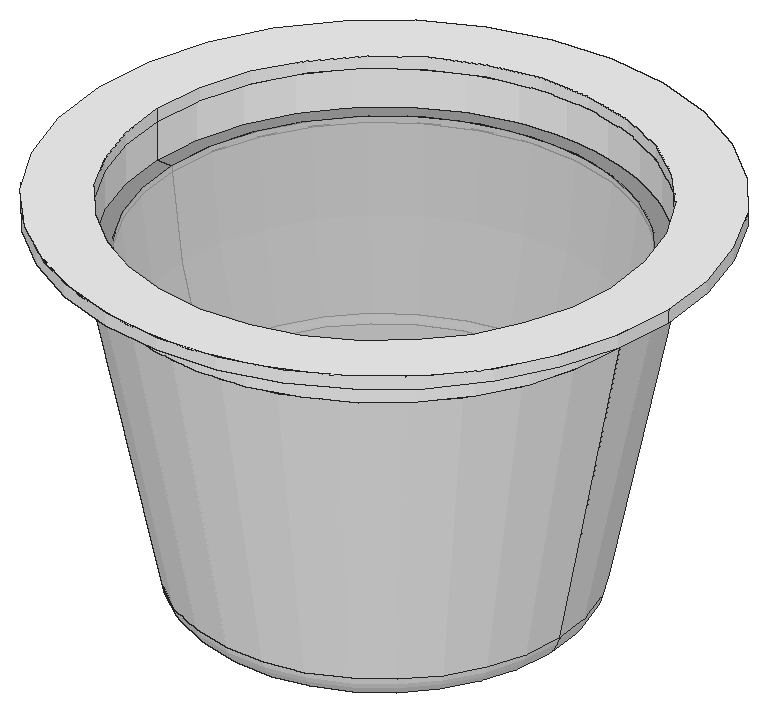
Revit family "2059159 Lighting Fixture_Sylvania_Ascent 100 Deco(120)-High Output_Ceiling Recessed", category Lighting Fixtures, host Face, Revit 2017
Family settings
  Host = Face
  Round Connector Dimension = Use Diameter
  Part Type = Normal
  OmniClass Number = 23.80.70.11.17
  OmniClass Title = Specialized Lighting by Location or Use
  Cut with Voids When Loaded = No
  Light Source = Yes
  Shared = No
  Room Calculation Point = No
Parameters (values of type "Asct100 Deco HO 3K DALI 120")
  Reflector Radius = Radius - 15.0 mm  # 60.0 mm
  Reflector Material = Aluminium_Sylvania_Ascent_Silver
  Radius = 75.0 mm
  Life = "50 000h"  # constant formula
  IP Rating = "IP44"  # constant formula
  IK Rating = "IK02"  # constant formula
  Height = 94.0 mm
  Wattage = 8.42147 W
  built-in parameter 1150110 = 1 (stored number, unit not read)
  Voltage Comments = "UNV (Universal Voltage; 220-240 Volt)"  # constant formula
  Voltage = 240 V  # constant formula
  URL = "https://www.sylvania-lighting.com/"
  built-in parameter 1114217 = 1 (stored number, unit not read)
  Tilt Angle = -90°
  built-in parameter 1150109 = 1 (stored number, unit not read)
  built-in parameter 1150134 = (empty or 0)
  built-in parameter 1150113 = 1 (stored number, unit not read)
  Product Page URL = "https://www.sylvania-lighting.com/product/en-int/products/2059159"
  Product Family = "Ascent 100 Deco (120) - High Output"  # constant formula
  Photometry Comments = ""
  Photometric Web File = "2059159_Asct100DecoHO3KDALI120-188870.ies"
  Glow Wire Test = 850 °C
  Emit from Circle Diameter = 2 * Diffuser Radius  # 112.0 mm
  Emit Shape Visible in Rendering = no
  Drive Current = "500mA"  # constant formula
  Diffuser Radius = Reflector Radius - 4.0 mm  # 56.0 mm
  Diffuser Material = Polycarbonate_Sylvania_Ascent_Clear
  Diameter = 2 * Radius  # 150.0 mm
  Cutout Diameter = Diameter - 11.0 mm  # 139.0 mm
  built-in parameter 1114216 [instance] = 1 (stored number, unit not read)
  Model = "Asct100 Deco HE 3K DALI 120"
  Manufacturer = "Feilo-Sylvania Group"
  built-in parameter 1150105 = 473.86 (stored number, unit not read)
  Lumens = 852 lm
  built-in parameter 1150115 = 1 (stored number, unit not read)
  built-in parameter 1150137 = (empty or 0)
  built-in parameter 1150139 = (empty or 0)
  built-in parameter 1150112 = 1 (stored number, unit not read)
  built-in parameter 1150114 = 1 (stored number, unit not read)
  Lamp = "Integrated LED"
  built-in parameter 1150132 = 2
  built-in parameter 1150102 = (empty or 0)
  built-in parameter 1150107 = 3000 (stored number, unit not read)
  built-in parameter 1150138 = (empty or 0)
  built-in parameter 1150106 = 4.7386 (stored number, unit not read)
  Body Material = Aluminum_Sylvania_Ascent_White
  built-in parameter 1150104 = 9.399 (stored number, unit not read)
  Dimming Lamp Color Temperature Shift = <None>
  Description = "Direct LED retro fit for original LED 100 Deco (120) single CFL lamp offering Matching lumen levels and improved light distribution of original LED 100 CFL lamp equivalents Typically half the power consumption compared to CFL Up to 104lm/W 120mm aperture Decorative reflector accepts snap fit polycarbonate accessories from existing LED 100 Deco 120 offering New kometa accessory ring creates a diffused indirect halo of light onto the ceiling for decorative effect HE, HO and VHO versions equivalent of single 1 x 13W, 1 x 18W, 1 x 26W Additional VVHO versions which offer the performance circa 2 x 26W equivalent"  # constant formula
  Default Elevation = 0.0 mm
  Color Filter = 16777215
  Catalog Number = "2059159 Asct100 Deco HO 3K DALI 120"
  built-in parameter 1140040 [instance] = 1
  built-in parameter 1114218 = 1 (stored number, unit not read)
  built-in parameter 1150133 = 10 (stored number, unit not read)
  Assembly Code = "D5020200"
  Apparent Load Comments = ""
  Apparent Load = 9 VA
  Aperture = 2 * Reflector Radius  # 120.0 mm
Reference planes
  plane 1 "Center (Front/Back)": y = 0
  plane 2: z = 0
  plane 3 "Center (Left/Right)": x = 0
  plane 4 "Fixture Bottom": z = 3
  plane 5: z = -53.5
  plane 6 "Fixture Top": z = -91
  plane 7: z = -9
  plane 8: z = -10.5
Forms (mm)
  Extrusion 1, solid, material "Aluminum_Sylvania_Ascent_White" <- "Body Material", detail levels fine
    sketch origin (0, 0, 0) x (1, 0, 0) y (0, 1, 0)
      loop
        circle (0, 0) r 75
      loop
        circle (0, 0) r 60
    from 0 to 3
  Extrusion 2, void
    sketch origin (0, 0, 0) x (1, 0, 0) y (0, 1, 0)
      loop
        circle (0, 0) r 69.5
    from -91 to 3
  Revolve 3, solid, material "Aluminum_Sylvania_Ascent_White" <- "Body Material", detail levels fine
    sketch origin (0, 0, 0) x (1, 0, 0) y (0, 0, 1)
      loop
        line (-62, 0) -> (-62, -10.5) -> (-46.236, -84.663)
        arc (-46.236, -84.663) -> (-43.445, -89.217) -> (-38.411, -91) r 8
        line (-38.411, -91) -> (0, -91) -> (0, -89) -> (-38.456, -89)
        arc (-38.456, -89) -> (-42.232, -87.663) -> (-44.324, -84.247) r 6
        line (-44.324, -84.247) -> (-60, -10.5) -> (-60, 0) -> (-62, 0)
      axis (0, -91) -> (0, 0)
    angle from 0 to 360
  Revolve 4, solid, material "Aluminium_Sylvania_Ascent_Silver" <- "Reflector Material", detail levels fine
    sketch origin (0, 0, 0) x (1, 0, 0) y (0, 0, 1)
      loop
        line (-60, -9) -> (-60, -10.5) -> (-57, -10.5)
        arc (-57, -10.5) -> (-54.319, -31.239) -> (-48.971, -51.454) r 160.868
        arc (-48.971, -51.454) -> (-47.878, -52.935) -> (-46.127, -53.5) r 3
        line (-46.127, -53.5) -> (-38, -53.5)
        arc (-38, -53.5) -> (-36.855, -62.037) -> (-33.5, -69.971) r 32.394
        line (-33.5, -69.971) -> (0, -69.971) -> (0, -52.5) -> (-46.127, -52.5)
        arc (-46.127, -52.5) -> (-47.294, -52.124) -> (-48.023, -51.136) r 2
        arc (-48.023, -51.136) -> (-53.335, -31.062) -> (-56, -10.468) r 159.868
        line (-56, -10.468) -> (-56, -9) -> (-60, -9)
      axis (0, -9) -> (0, -69.971)
    angle from 0 to 360
  Extrusion 5, solid, material "Polycarbonate_Sylvania_Ascent_Clear" <- "Diffuser Material", detail levels fine
    sketch origin (0, 0, 0) x (1, 0, 0) y (0, 1, 0)
      loop
        circle (0, 0) r 56
    from -10.5 to -9
  Revolve 6, solid, material "Aluminum_Sylvania_Ascent_White" <- "Body Material", detail levels coarse+medium
    sketch origin (0, 0, 0) x (1, 0, 0) y (0, 0, 1)
      loop
        line (-75, 0) -> (-62, 0) -> (-62, -10.5) -> (-46.236, -84.663)
        arc (-46.236, -84.663) -> (-43.445, -89.217) -> (-38.411, -91) r 8
        line (-38.411, -91) -> (0, -91) -> (0, 3) -> (-75, 3) -> (-75, 0)
      axis (0, -91) -> (0, 3)
    angle from 0 to 360
Cuts and joins
  joined: Extrusion 1, Revolve 3
Dimensions and locks
  plane 4 "Fixture Bottom" to plane 2 to plane 7 to plane 8 to plane 5 = 3.0 mm locked, 9.0 mm locked, 1.5 mm locked, 43.0 mm locked
  "Height": plane 4 "Fixture Bottom" to plane 6 "Fixture Top"
  "Reflector Radius": plane 3 "Center (Left/Right)" to Revolve 4 sketch curve
  Revolve 4 sketch curve to Revolve 4 sketch curve = 4.0 mm
  Revolve 4 sketch curve to Revolve 4 sketch curve = 1.0 mm
  Revolve 4 sketch curve to Revolve 4 sketch curve to Revolve 4 sketch curve to Revolve 4 sketch curve to Revolve 4 sketch curve = 11.029 mm locked, 2.844 mm locked, 8.127 mm locked, 4.5 mm locked
  "Reflector Radius": plane 3 "Center (Left/Right)" to Revolve 3 sketch curve
  locked: Revolve 3 sketch curve to Revolve 3 sketch curve at 2
  Revolve 3 sketch curve to Revolve 3 sketch curve to Revolve 3 sketch curve = 13.764 mm locked, 7.825 mm locked
  "Radius": Revolve 6 sketch curve to plane 3 "Center (Left/Right)"
  Revolve 6 sketch curve to Revolve 6 sketch curve to Revolve 6 sketch curve to Revolve 6 sketch curve = 13.0 mm locked, 15.764 mm locked, 7.825 mm locked
  "Cutout Diameter": diameter of Extrusion 2 sketch curve
  "Reflector Radius": radius of Extrusion 1 sketch curve
  "Diffuser Radius": radius of Extrusion 5 sketch curve
  "Radius": radius of Extrusion 1 sketch curve
  aligned and locked: host face to plane 2
  aligned and locked: host face to level
  aligned and locked: plane 1 "Center (Front/Back)" to imposter light
  aligned and locked: plane 3 "Center (Left/Right)" to imposter light
  aligned and locked: plane 4 "Fixture Bottom" to Extrusion 1
  aligned and locked: Extrusion 1 to plane 2
  aligned and locked: Revolve 4 sketch curve to plane 3 "Center (Left/Right)"  (x2)
  aligned and locked: plane 6 "Fixture Top" to Extrusion 2
  aligned and locked: plane 7 to Revolve 4 sketch curve
  aligned and locked: Revolve 4 sketch curve to plane 8
  aligned and locked: imposter light to Extrusion 2
  aligned and locked: plane 7 to Extrusion 5
  aligned and locked: Extrusion 5 to plane 8
  aligned and locked: imposter light to plane 4 "Fixture Bottom"
  aligned and locked: Revolve 3 sketch curve to plane 2
  aligned and locked: plane 8 to Revolve 3 sketch curve  (x2)
  aligned and locked: Revolve 3 sketch curve to plane 6 "Fixture Top"
  aligned and locked: imposter light to Revolve 3 sketch curve
  aligned and locked: imposter light to Revolve 6 sketch curve
  aligned and locked: Revolve 6 sketch curve to imposter light
Automatic sketch dimensions
  plane 1 "Center (Front/Back)" to Extrusion 2 sketch curve = 0.0 mm
  Extrusion 2 sketch curve to plane 3 "Center (Left/Right)" = 0.0 mm
  Extrusion 1 sketch curve to Extrusion 1 sketch curve = 0.0 mm  (x2)
  plane 1 "Center (Front/Back)" to Extrusion 1 sketch curve = 0.0 mm
  Extrusion 1 sketch curve to plane 3 "Center (Left/Right)" = 0.0 mm
  plane 1 "Center (Front/Back)" to Extrusion 5 sketch curve = 0.0 mm
  Extrusion 5 sketch curve to plane 3 "Center (Left/Right)" = 0.0 mm
  host sketch curve to host sketch curve = 1368.192 mm
  host sketch curve to host sketch curve = 1399.962 mm
  Revolve 4 sketch curve to plane 5 = 0.0 mm
  Revolve 4 sketch curve to plane 5 = 16.471 mm
  plane 8 to Revolve 4 sketch curve = 0.032 mm
  Revolve 4 sketch curve to Revolve 4 sketch curve = 0.0 mm  (x5)
  Revolve 4 sketch curve to level = 0.289 mm
  Revolve 4 sketch curve to Revolve 4 sketch curve = 2.387 mm
  plane 4 "Fixture Bottom" to Revolve 4 sketch curve = 9.642 mm
  Revolve 4 sketch curve to Revolve 4 sketch curve = 0.948 mm
  Revolve 3 sketch curve to plane 6 "Fixture Top" = 6.337 mm
  Revolve 3 sketch curve to Revolve 3 sketch curve = 1.912 mm
  Revolve 3 sketch curve to plane 6 "Fixture Top" = 6.753 mm
  Revolve 3 sketch curve to Revolve 3 sketch curve = 0.045 mm
  Revolve 3 sketch curve to Revolve 3 sketch curve = 2.0 mm
  Revolve 3 sketch curve to plane 3 "Center (Left/Right)" = 0.0 mm
  plane 6 "Fixture Top" to Revolve 3 sketch curve = 210.8 mm
  plane 4 "Fixture Bottom" to Revolve 3 sketch curve = 304.8 mm
  Revolve 6 sketch curve to plane 8 = 0.0 mm
  Revolve 6 sketch curve to plane 6 "Fixture Top" = 0.0 mm
  Revolve 6 sketch curve to plane 6 "Fixture Top" = 6.337 mm
  Revolve 6 sketch curve to level = 0.0 mm
  plane 3 "Center (Left/Right)" to Revolve 6 sketch curve = 0.0 mm
  plane 6 "Fixture Top" to Revolve 6 sketch curve = 210.8 mm
  plane 4 "Fixture Bottom" to Revolve 6 sketch curve = 304.8 mm
Connectors
  electrical at (0, 0, -91), driven by "Voltage", driven by "Apparent Load"
    settings: index 1, voltage 240 V, apparent load 0 VA, apparent load phase1 9 VA, apparent load phase2 0 VA, apparent load phase3 0 VA, power factor 1, load classification "Lighting", number of poles 1, system type 31, power factor state 1, is connector primary yes, connector utility no, sub classification motor no, connector description ""
